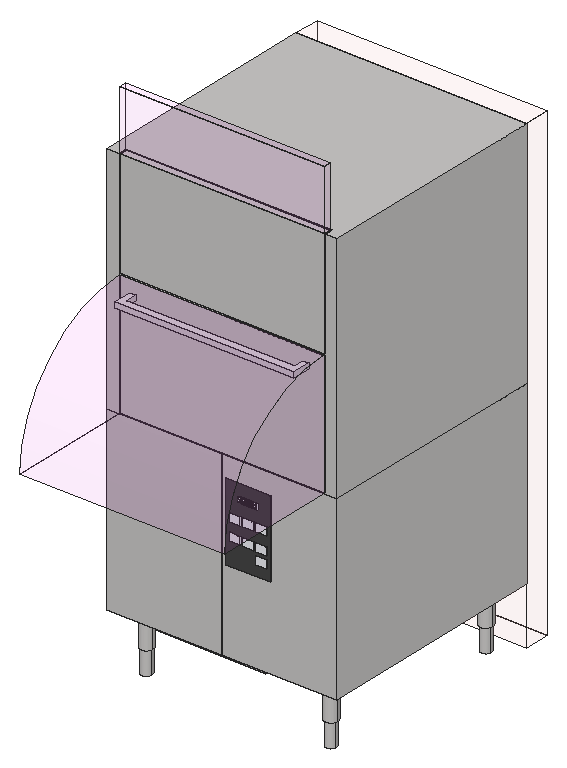
Revit family "QF_ZANUSSI_506051_ZPPWESG", category Attrezzature speciali, Revit 2020
Family settings
  Quota connettore circolare = Usa diametro
  Tipo di parte = Normale
  Basato su piano di lavoro = No
  Sempre verticale = Sì
  Taglio con vuoti quando caricato = No
  Condiviso = No
  Punto di calcolo locali = No
Parameters (values of type "Standard")
  Weight = 200.00 kg
  Watts = 13000 W
  Volts = 400 V
  URL Manufacturer = "http://www.zanussiprofessional.com"
  URL = "http://www.zanussiprofessional.com"
  Steam Supply Size = 0 mm
  Steam Supply Minimum Pressure = 0.0 Pa
  Steam Supply Maximum Pressure = 0.0 Pa
  Steam Consumption per Hour = 0
  Show Logo [instance] = yes
  Show Clearance [instance] = yes
  Refrigeration Suction Line Size = 0 mm
  Refrigeration Liquid Line Size = 0 mm
  Refrigerant Compressor Remote = yes
  Prospetto di default = 0 mm
  Produttore = "Zanussi"
  Phase = 3
  Modello = "ZPPWESG"
  Length Actual = 876 mm  # constant formula
  Item Number = "506051"
  Hot Water Size = 19.05 mm
  Height Actual = 1791 mm  # constant formula
  HP = "17.4 HP"
  Gas Size = 0 mm
  Gas KW = 0
  Gas Input Pressure = 0 W
  Direct Waste Size = 20 mm
  Descrizione = "ELEC.POT&PAN WASHER+D.PUMP+DET-900MM"
  Depth Actual = 900 mm  # constant formula
  Cycle = 50 Hz
  Condensate Return Size = 0 mm
  Compressed Air Volume = 0.0 L/s
  Compressed Air Size = 0 mm
  Compressed Air Pressure = 0.0 Pa
  Cold Water Size = 0 mm
  Accessory = yes
Reference planes
  plane 1 "Center (Front/Back)": y = 0
  plane 2: z = 0
  plane 3: x = -63
  plane 4 "LEFT": x = -501
  plane 5: x = 375
  plane 6: y = -450
  plane 7 "BACK": y = 450
  plane 8: z = 220
  plane 9: z = 115
  plane 10: z = 1791
Forms (mm)
  Extrusion 1, solid, material "QF_Finishes_Stainless Steel"
    sketch origin (88.519, -3.5, 0) x (1, 0, 0) y (0, 1, 0)
      loop
        line (-534.519, -88.5) -> (-534.519, -308.5) -> (-94.519, -308.5) -> (-94.519, -88.5) -> (-534.519, -88.5)
    from 115 to 220
  Extrusion 2, solid, material "QF_Finishes_Stainless Steel"
    sketch origin (0, 0, 0) x (1, 0, 0) y (0, 1, 0)
      loop
        line (-501, 450) -> (-501, -450) -> (-63, -450) -> (-63, 450) -> (-501, 450)
    from 220 to 904
  Extrusion 3, solid, material "QF_Finishes_Stainless Steel"
    sketch origin (0, 0, 0) x (1, 0, 0) y (0, 1, 0)
      loop
        line (-63, 450) -> (-63, -450) -> (375, -450) -> (375, 450) -> (-63, 450)
    from 220 to 904
  Extrusion 4, solid, material "QF_Finishes_Stainless Steel"
    sketch origin (0, 0, 0) x (1, 0, 0) y (0, 1, 0)
      loop
        line (-501, 450) -> (-501, -450) -> (-453, -450) -> (-453, -418) -> (327, -418) -> (327, -450) -> (375, -450) -> (375, 450) -> (-501, 450)
    from 904 to 1791
  Extrusion 5, solid, material "QF_Finishes_Stainless Steel"
    sketch origin (0, 0, 0) x (1, 0, 0) y (0, 1, 0)
      loop
        line (-453, -450) -> (327, -450) -> (327, -420) -> (-453, -420) -> (-453, -450)
    from 909 to 1377.938
  Extrusion 6, solid, material "QF_Finishes_Stainless Steel"
    sketch origin (0, 0, 0) x (1, 0, 0) y (0, 1, 0)
      loop
        line (-453, -450) -> (327, -450) -> (327, -420) -> (-453, -420) -> (-453, -450)
    from 1384.114 to 1791
  Extrusion 7, solid, material "QF_Finishes_Door Clearance", visible <- "Show Clearance"
    sketch origin (-229, -650, 546.718) x (0, 1, 0) y (0, 0, -1)
      loop
        line (200, -357.282) -> (-274, -357.282)
        arc (-274, -357.282) -> (-135.169, -692.45) -> (200, -831.282) r 474
        line (200, -831.282) -> (200, -357.282)
    from 224 to -556
  Extrusion 8, solid, material "QF_Finishes_Door Clearance", visible <- "Show Clearance"
    sketch origin (-229, -650, 1221.218) x (0, 1, 0) y (0, 0, -1)
      loop
        line (200, -569.782) -> (200, -798.782) -> (230, -798.782) -> (230, -569.782) -> (200, -569.782)
    from 224 to -556
  Extrusion 9, solid, material "QF_Finishes_Clearance", visible <- "Show Clearance"
    sketch origin (0, 0, 0) x (1, 0, 0) y (0, 1, 0)
      loop
        line (-501, 450) -> (375, 450) -> (375, 550) -> (-501, 550) -> (-501, 450)
    from 0 to 1791
  Extrusion 10, solid, material "QF_Finishes_Stainless Steel"
    sketch origin (-756.159, 1152.464, 214.383) x (1, 0, 0) y (0, 1, 0)
      loop
        circle (701.159, -772.464) r 10
    from -9.383 to 5.617
  Extrusion 11, solid, material "QF_Finishes_Stainless Steel"
    sketch origin (207.404, -238.023, 218) x (0, -1, 0) y (1, 0, 0)
      loop
        line (-163.023, 6.596) -> (-163.023, 26.596) -> (-183.023, 26.596) -> (-183.023, 6.596) -> (-163.023, 6.596)
    from 0 to 2
  Extrusion 12, solid, material "QF_Finishes_Stainless Steel"
    sketch origin (-127.596, 216.977, 218) x (0, -1, 0) y (1, 0, 0)
      loop
        line (-163.023, 6.596) -> (-163.023, 26.596) -> (-183.023, 26.596) -> (-183.023, 6.596) -> (-163.023, 6.596)
    from 0 to 2
  Extrusion 13, solid, material "QF_Finishes_Stainless Steel"
    sketch origin (-526.159, 606.464, 214.383) x (1, 0, 0) y (0, 1, 0)
      loop
        circle (701.159, -772.464) r 10
    from -9.383 to 5.617
  Extrusion 14, solid, material "QF_Finishes_Stainless Steel"
    sketch origin (-456.159, 516.464, 214.383) x (1, 0, 0) y (0, 1, 0)
      loop
        circle (701.159, -772.464) r 10
    from -9.383 to 5.617
Dimensions and locks
  equal spacing: plane 7 "BACK", plane 1 "Center (Front/Back)", plane 6
  plane 7 "BACK" to plane 6 = 900 mm  (x2)
  plane 4 "LEFT" to plane 5 = 876 mm
  equal spacing: Extrusion 2, Extrusion 4 sketch curve, Extrusion 4 sketch curve, Extrusion 4 sketch curve
  equal spacing: plane 5, plane 3, plane 4 "LEFT"
  plane 8 to level = 220 mm
  Extrusion 1 to Extrusion 1 = 220 mm
  Extrusion 1 to nested 2 to plane 6 = 59 mm, 79 mm
  Extrusion 9 to nested 1 to nested 2 = 83 mm, 738 mm
  plane 10 to level = 1791 mm
  Extrusion 8 to level = 2020 mm
  Extrusion 9 to Extrusion 7 = 1374 mm
  level to Extrusion 4 = 904 mm
  aligned and locked: level to plane 2
  aligned and locked: plane 8 to Extrusion 1
  aligned and locked: Extrusion 1 to plane 9
  aligned and locked: Extrusion 2 to plane 6
  aligned and locked: plane 7 "BACK" to Extrusion 2
  aligned and locked: Extrusion 2 to plane 4 "LEFT"
  aligned and locked: Extrusion 3 sketch curve to Extrusion 2  (x2)
  aligned and locked: plane 6 to Extrusion 3 sketch curve
  aligned and locked: Extrusion 3 sketch curve to plane 5
  aligned and locked: Extrusion 2 to plane 8
  aligned and locked: Extrusion 3 to plane 8
  aligned and locked: Extrusion 4 sketch curve to Extrusion 2  (x2)
  aligned and locked: Extrusion 5 sketch curve to plane 6
  aligned and locked: Extrusion 6 sketch curve to Extrusion 5  (x4)
  aligned and locked: Extrusion 6 to Extrusion 8 sketch curve
  aligned and locked: Extrusion 8 to Extrusion 6  (x2)
Automatic sketch dimensions
  plane 4 "LEFT" to Extrusion 1 sketch curve = 55 mm
  plane 3 to Extrusion 1 sketch curve = 57 mm
  plane 6 to Extrusion 1 sketch curve = 138 mm
  plane 1 "Center (Front/Back)" to Extrusion 1 sketch curve = 92 mm
  Extrusion 2 sketch curve to plane 4 "LEFT" = 0 mm
  Extrusion 2 sketch curve to plane 3 = 0 mm
  Extrusion 2 sketch curve to plane 6 = 0 mm
  Extrusion 2 sketch curve to plane 7 "BACK" = 0 mm
  Extrusion 4 sketch curve to plane 6 = 0 mm  (x2)
  Extrusion 4 sketch curve to plane 5 = 0 mm
  plane 4 "LEFT" to Extrusion 4 sketch curve = 48 mm
  Extrusion 4 sketch curve to Extrusion 4 sketch curve = 48 mm
  Extrusion 4 sketch curve to Extrusion 4 sketch curve = 32 mm
  plane 4 "LEFT" to Extrusion 5 sketch curve = 48 mm
  Extrusion 5 sketch curve to plane 5 = 48 mm
  Extrusion 5 sketch curve to Extrusion 5 sketch curve = 30 mm
  Extrusion 7 sketch curve to plane 6 = 0 mm
  Extrusion 7 sketch curve to plane 6 = 474 mm
  plane 10 to Extrusion 7 sketch curve = 413 mm
  Extrusion 8 sketch curve to plane 6 = 0 mm
  plane 10 to Extrusion 8 sketch curve = 0 mm
  Extrusion 8 sketch curve to Extrusion 8 sketch curve = 229 mm
  Extrusion 9 sketch curve to plane 4 "LEFT" = 0 mm
  Extrusion 9 sketch curve to plane 5 = 0 mm
  Extrusion 9 sketch curve to plane 7 "BACK" = 0 mm
  Extrusion 9 sketch curve to Extrusion 9 sketch curve = 100 mm
  Extrusion 10 sketch curve to plane 5 = 430 mm
  Extrusion 10 sketch curve to plane 7 "BACK" = 70 mm
  Extrusion 11 sketch curve to plane 7 "BACK" = 505 mm
  Extrusion 11 sketch curve to Extrusion 11 sketch curve = 20 mm  (x2)
  Extrusion 11 sketch curve to plane 5 = 161 mm
  Extrusion 12 sketch curve to plane 1 "Center (Front/Back)" = 400 mm
  Extrusion 12 sketch curve to Extrusion 12 sketch curve = 20 mm  (x2)
  Extrusion 12 sketch curve to plane 5 = 496 mm
  Extrusion 13 sketch curve to plane 5 = 200 mm
  Extrusion 13 sketch curve to plane 7 "BACK" = 616 mm
  Extrusion 14 sketch curve to plane 5 = 130 mm
  Extrusion 14 sketch curve to plane 7 "BACK" = 706 mm
  radius of Extrusion 10 sketch curve = 10 mm
  radius of Extrusion 13 sketch curve = 10 mm
  radius of Extrusion 14 sketch curve = 10 mm
Nested families
  nested 1: "Piedino H220 - DISHWASHING" at (288, 367, 0), type "Piedino H220 - DISHWASHING"
    with H 200 mm
  nested 2: "Piedino H220 - DISHWASHING" at (288, -371, 0), type "Piedino H220 - DISHWASHING"
    with H 200 mm
  nested 3: "Piedino H220 - DISHWASHING" at (-414, 367, 0) x (-1, 0, 0) z (0, 0, 1), type "Piedino H220 - DISHWASHING"
    with H 200 mm
  nested 4: "Piedino H220 - DISHWASHING" at (-414, -371, 0) x (-1, 0, 0) z (0, 0, 1), type "Piedino H220 - DISHWASHING"
    with H 200 mm
  nested 5: "MANIGLIA_DISHWASHING_SQUARE" at (-73, -450, 1321) x (1, 0, 0) z (0, -1, 0), type "MANIGLIA_DISHWASHING_SQUARE"
  nested 6: "Tastierino_DISHWASHING_NERO ZANUSSI - TASTI BIANCHI" at (37, -450, 680) x (1, 0, 0) z (0, -1, 0), type "Tastierino_DISHWASHING_NERO ZANUSSI - TASTI BIANCHI"
    with Show Logo yes
  nested 7: "ZANUSSI_Logo - WHITE" at (40.406, -451, 821.935) x (1, 0, 0) z (0, -1, 0), Show Logo <- "Show Logo", visible <- "Show Logo", type "ZANUSSI_Logo - WHITE"
    with Show Logo yes
Connectors
  piping at (-55, 380, 205), diameter 12.9
    settings: on Extrusion 10, index 48, connector inside diameter 609.6 mm, connector length 0 mm, flow factor 0, pipe flow 0.0 L/s, pressure drop 0.0 Pa, fitting loss kfactor 0, connector angle 0.00°, fixture units 0, engagement length 0 mm, angle of deflection 0.00°, flow configuration 0, flow direction 0, fitting loss method 0, system type 29, joint type 0, gender type 0, connector reference index -1, connector utility 0, adjustable connector no, is connector primary yes, connector description "D"
  electrical at (224, -65, 218)
    settings: on Extrusion 11, index 49, voltage 0 V, apparent load 0 VA, apparent load phase1 0 VA, apparent load phase2 0 VA, apparent load phase3 0 VA, power factor 1, load classification "Altro", number of poles 1, system type 30, power factor state 1, is connector primary yes, connector utility no, sub classification motor no, connector description "EI"
  electrical at (-111, 390, 218)
    settings: on Extrusion 12, index 50, voltage 0 V, apparent load 0 VA, apparent load phase1 0 VA, apparent load phase2 0 VA, apparent load phase3 0 VA, power factor 1, load classification "Altro", number of poles 1, system type 30, power factor state 1, is connector primary no, connector utility no, sub classification motor no, connector description "EQ"
  piping at (175, -166, 205), diameter 12.9
    settings: on Extrusion 13, index 51, connector inside diameter 609.6 mm, connector length 0 mm, flow factor 0, pipe flow 0.0 L/s, pressure drop 0.0 Pa, fitting loss kfactor 0, connector angle 0.00°, fixture units 0, engagement length 0 mm, angle of deflection 0.00°, flow configuration 0, flow direction 0, fitting loss method 0, system type 29, joint type 0, gender type 0, connector reference index -1, connector utility 0, adjustable connector no, is connector primary no, connector description "HWI"
  piping at (245, -256, 205), diameter 12.9
    settings: on Extrusion 14, index 52, connector inside diameter 609.6 mm, connector length 0 mm, flow factor 0, pipe flow 0.0 L/s, pressure drop 0.0 Pa, fitting loss kfactor 0, connector angle 0.00°, fixture units 0, engagement length 0 mm, angle of deflection 0.00°, flow configuration 0, flow direction 0, fitting loss method 0, system type 29, joint type 0, gender type 0, connector reference index -1, connector utility 0, adjustable connector no, is connector primary no, connector description "XD/XR"
Definition of nested family "Piedino H220 - DISHWASHING"
  Parameters (values of type "Piedino H220 - DISHWASHING")
    Default Elevation = 0 mm
    H [instance] = 200 mm
  Reference planes
    plane 1 "Centro (Fronte/Retro)": y = 0
    plane 2: z = 0
    plane 3 "Centro (Sinistra/Destra)": x = 0
    plane 4: z = 70.047
  Forms (mm)
    Revolve 1, solid
      sketch origin (55, 0, 0) x (-1, 0, 0) y (0, 0, -1)
        loop
          line (35, 0) -> (35, -90) -> (30, -90) -> (30, -220) -> (55, -220) -> (55, 0) -> (35, 0)
        axis (55, 0) -> (55, -220)
      angle from 0 to 360
  Dimensions and locks
    aligned and locked: level to plane 2
Definition of nested family "MANIGLIA_DISHWASHING_SQUARE"
  Parameters
    Default Elevation = 1219.2 mm
  Reference planes
    plane 1 "Centro (Fronte/Retro)": y = 0
    plane 2: z = 0
    plane 3 "Centro (Sinistra/Destra)": x = 0
    plane 4: z = 72
    plane 5: x = -340
    plane 6: x = 340
  Forms (mm)
    Extrusion 1, solid
      sketch origin (0, 0, 0) x (1, 0, 0) y (0, 1, 0)
        loop
          line (-1219.2, 1219.2) -> (-1219.2, -1219.2) -> (1219.2, -1219.2) -> (1219.2, 1219.2) -> (-1219.2, 1219.2)
      from 0 to -304.8
    Extrusion 2, solid
      sketch origin (0, 10.003, 0) x (1, 0, 0) y (0, 0, 1)
        loop
          line (-340, 0) -> (-320, 0) -> (-320, 42) -> (320, 42) -> (320, 0) -> (340, 0) -> (340, 72) -> (-340, 72) -> (-340, 0)
      from 0 to 20.005
  Dimensions and locks
    aligned and locked: plane 2 to Extrusion 1
    aligned and locked: level to Extrusion 1
Definition of nested family "Tastierino_DISHWASHING_NERO ZANUSSI - TASTI BIANCHI"
  Parameters (values of type "Tastierino_DISHWASHING_NERO ZANUSSI - TASTI BIANCHI")
    Show Logo [instance] = yes
    Default Elevation = 1219.2 mm
  Reference planes
    plane 1 "Centro (Fronte/Retro)": y = 0
    plane 2: z = 0
    plane 3 "Centro (Sinistra/Destra)": x = 0
  Forms (mm)
    Extrusion 1, solid
      sketch origin (0, 0, 0) x (1, 0, 0) y (0, 1, 0)
        loop
          line (-1219.2, 1219.2) -> (-1219.2, -1219.2) -> (1219.2, -1219.2) -> (1219.2, 1219.2) -> (-1219.2, 1219.2)
      from 0 to -304.8
    Extrusion 2, solid
      sketch origin (171.444, -670.217, 0) x (-1, 0, 0) y (0, -1, 0)
        loop
          line (255.889, -817.837) -> (255.889, -522.596) -> (87, -522.596) -> (87, -817.837) -> (255.889, -817.837)
      from 0 to 1
    Extrusion 3, solid
      sketch origin (171.444, -670.217, 0) x (-1, 0, 0) y (0, -1, 0)
        loop
          line (241.444, -638.939) -> (241.444, -608.939) -> (201.444, -608.939) -> (201.444, -638.939) -> (241.444, -638.939)
        loop
          line (191.444, -638.939) -> (191.444, -608.939) -> (151.444, -608.939) -> (151.444, -638.939) -> (191.444, -638.939)
        loop
          line (141.444, -638.939) -> (141.444, -608.939) -> (101.444, -608.939) -> (101.444, -638.939) -> (141.444, -638.939)
        loop
          line (141.444, -593.939) -> (141.444, -563.939) -> (101.444, -563.939) -> (101.444, -593.939) -> (141.444, -593.939)
        loop
          line (241.444, -705.217) -> (241.444, -675.217) -> (201.444, -675.217) -> (201.444, -705.217) -> (241.444, -705.217)
        loop
          line (191.444, -705.217) -> (191.444, -675.217) -> (151.444, -675.217) -> (151.444, -705.217) -> (191.444, -705.217)
        loop
          line (141.444, -705.217) -> (141.444, -675.217) -> (101.444, -675.217) -> (101.444, -705.217) -> (141.444, -705.217)
      from 0 to 2
  Dimensions and locks
    aligned and locked: plane 2 to Extrusion 1
    aligned and locked: level to Extrusion 1
Definition of nested family "ZANUSSI_Logo - WHITE"
  Parameters (values of type "ZANUSSI_Logo - WHITE")
    Show Logo [instance] = yes
    Default Elevation = 1219.2 mm
  Reference planes
    plane 1 "Center (Front/Back)": y = -49
    plane 2: z = 0
    plane 3 "Center (Left/Right)": x = -9.92
  Forms (mm)
    Extrusion 1, solid
      sketch origin (0, 0, 0) x (1, 0, 0) y (0, 1, 0)
        loop
          line (-1219.2, 1219.2) -> (-1219.2, -1219.2) -> (1219.2, -1219.2) -> (1219.2, 1219.2) -> (-1219.2, 1219.2)
      from 0 to -304.8
    Extrusion 2, solid, visible <- "Show Logo"
      sketch origin (106.353, -215.165, -50) x (1, 0, 0) y (0, 1, 0)
        loop
          line (-137.419, 156.48) -> (-137.419, 160.444) -> (-143.365, 160.444) -> (-137.419, 172.566) -> (-137.419, 175.851) -> (-147.274, 175.851) -> (-147.274, 172.226) -> (-142.063, 172.339) -> (-147.728, 160.444) -> (-147.728, 156.48) -> (-137.419, 156.48)
        loop
          line (-131.729, 163.73) -> (-129.463, 163.73) -> (-130.596, 172.54) -> (-131.729, 163.73)
        loop
          line (-132.748, 156.48) -> (-132.182, 160.218) -> (-128.897, 160.218) -> (-128.33, 156.48) -> (-124.252, 156.48) -> (-127.877, 175.851) -> (-133.315, 175.851) -> (-136.826, 156.48) -> (-132.748, 156.48)
        loop
          line (-123.75, 175.851) -> (-123.75, 156.48) -> (-120.238, 156.48) -> (-120.238, 169.281) -> (-116.953, 156.48) -> (-112.648, 156.48) -> (-112.648, 175.851) -> (-116.273, 175.851) -> (-116.273, 163.503) -> (-119.558, 175.851) -> (-123.75, 175.851)
        loop
          arc (-111.742, 161.27) -> (-106.896, 156.448) -> (-101.433, 160.558) r 5.22
          line (-101.433, 160.558) -> (-101.433, 175.851) -> (-105.398, 175.851) -> (-105.398, 161.464)
          arc (-105.398, 161.464) -> (-106.44, 160.263) -> (-107.777, 161.124) r 1.214
          line (-107.777, 161.124) -> (-107.777, 175.851) -> (-111.742, 175.851) -> (-111.742, 161.27)
        loop
          line (-94.069, 169.734) -> (-90.331, 169.734) -> (-90.269, 171.495)
          arc (-90.269, 171.495) -> (-90.53, 173.458) -> (-91.761, 175.009) r 3.719
          arc (-91.761, 175.009) -> (-95.38, 176.189) -> (-98.998, 175.009) r 6.139
          arc (-98.998, 175.009) -> (-100.474, 172.145) -> (-100.291, 168.927) r 6.125
          arc (-100.291, 168.927) -> (-99.079, 167.149) -> (-97.591, 165.594) r 13.068
          line (-97.591, 165.594) -> (-95.921, 164.113)
          arc (-95.921, 164.113) -> (-94.934, 163.275) -> (-94.167, 162.233) r 5.571
          arc (-94.167, 162.233) -> (-94.357, 160.41) -> (-96.143, 160.003) r 1.573
          arc (-96.143, 160.003) -> (-96.681, 160.547) -> (-96.911, 161.277) r 1.631
          arc (-96.911, 161.277) -> (-96.929, 161.791) -> (-96.911, 162.305) r 7.441
          arc (-96.911, 162.305) -> (-96.895, 162.791) -> (-96.911, 163.277) r 7.03
          line (-96.911, 163.277) -> (-100.866, 163.277)
          arc (-100.866, 163.277) -> (-100.828, 160.504) -> (-99.735, 157.955) r 7.131
          arc (-99.735, 157.955) -> (-94.571, 156.484) -> (-90.221, 159.633) r 6.148
          arc (-90.221, 159.633) -> (-90.141, 162.884) -> (-91.536, 165.823) r 7.021
          line (-91.536, 165.823) -> (-95.882, 169.734)
          arc (-95.882, 169.734) -> (-96.47, 170.472) -> (-96.785, 171.362) r 2.858
          arc (-96.785, 171.362) -> (-95.666, 172.959) -> (-94.069, 171.84) r 1.379
          line (-94.069, 171.84) -> (-94.069, 169.734)
        loop
          line (-82.771, 169.734) -> (-79.033, 169.734) -> (-78.971, 171.495)
          arc (-78.971, 171.495) -> (-79.232, 173.458) -> (-80.463, 175.009) r 3.719
          arc (-80.463, 175.009) -> (-84.081, 176.189) -> (-87.7, 175.009) r 6.139
          arc (-87.7, 175.009) -> (-89.175, 172.145) -> (-88.993, 168.927) r 6.125
          arc (-88.993, 168.927) -> (-87.781, 167.149) -> (-86.293, 165.594) r 13.068
          line (-86.293, 165.594) -> (-84.623, 164.113)
          arc (-84.623, 164.113) -> (-83.636, 163.275) -> (-82.869, 162.233) r 5.571
          arc (-82.869, 162.233) -> (-83.059, 160.41) -> (-84.845, 160.003) r 1.573
          arc (-84.845, 160.003) -> (-85.383, 160.547) -> (-85.613, 161.277) r 1.631
          arc (-85.613, 161.277) -> (-85.631, 161.791) -> (-85.613, 162.305) r 7.441
          arc (-85.613, 162.305) -> (-85.596, 162.791) -> (-85.613, 163.277) r 7.03
          line (-85.613, 163.277) -> (-89.568, 163.277)
          arc (-89.568, 163.277) -> (-89.53, 160.504) -> (-88.437, 157.955) r 7.131
          arc (-88.437, 157.955) -> (-83.272, 156.484) -> (-78.922, 159.633) r 6.148
          arc (-78.922, 159.633) -> (-78.843, 162.884) -> (-80.238, 165.823) r 7.021
          line (-80.238, 165.823) -> (-84.584, 169.734)
          arc (-84.584, 169.734) -> (-85.171, 170.472) -> (-85.486, 171.362) r 2.858
          arc (-85.486, 171.362) -> (-84.368, 172.959) -> (-82.771, 171.84) r 1.379
          line (-82.771, 171.84) -> (-82.771, 169.734)
        loop
          line (-78.21, 175.851) -> (-78.21, 156.48) -> (-74.245, 156.48) -> (-74.245, 175.851) -> (-78.21, 175.851)
      from 50 to 51.6
  Dimensions and locks
    aligned and locked: plane 2 to Extrusion 1
    aligned and locked: level to Extrusion 1
